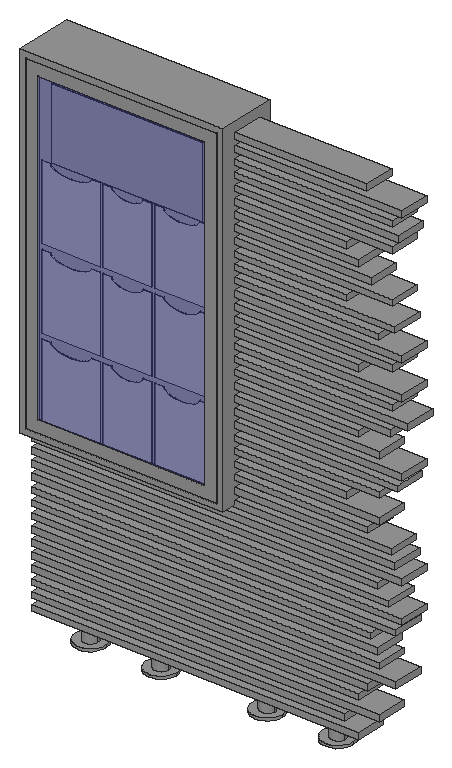
Revit family "12241 Информационный стенд «Линер» Хоббика", category Антураж, Revit 2018
Family settings
  На основе рабочей плоскости = Нет
  Всегда вертикально = Да
  При загрузке вырезать с полостями = Нет
  Источник визуального образа = Геометрия семейства
  Общий = Нет
  Точка расчета площади = Нет
Parameters (values of type "Информационный стенд «Линер»")
  Ширина = 250 mm  # constant formula
  Цвет отделки = Ангарская сосна
  Цвет каркаса = Сталь
  Описание = "Информационный стенд «Линер»"  # constant formula
  Материал изделия = "Сталь, дерево"  # constant formula
  Изготовитель = "ООО «Хоббика»"  # constant formula
  Длина = 1600 mm  # constant formula
  Группа модели = "Стенды и указатели"  # constant formula
  Высота = 2240 mm  # constant formula
  Артикул товара = "Арт. 12241"  # constant formula
  URL = "https://hobbyka.ru/product/informatsionnyy_stend_liner"
Reference planes
  plane 1 "По центру (Вперед/Назад)": y = 0
  plane 2: z = 0
  plane 3 "По центру (Влево/Вправо)": x = 0
  plane 4: y = 250
  plane 5: x = 1600
  plane 6: z = 2240
Forms (mm)
  Extrusion 1, solid, material "Ангарская сосна" <- "Цвет отделки"
    sketch origin (0, 0, 0) x (1, 0, 0) y (0, 0, 1)
      loop
        line (0, 2240) -> (0, 780) -> (860, 780) -> (860, 2240) -> (0, 2240)
      loop
        line (25, 2215) -> (25, 805) -> (835, 805) -> (835, 2215) -> (25, 2215)
    from 0 to -250
  Extrusion 2, solid, material "Сталь" <- "Цвет каркаса"
    sketch origin (0, 0, 0) x (1, 0, 0) y (0, 0, 1)
      loop
        line (25, 2215) -> (25, 805) -> (835, 805) -> (835, 2215) -> (25, 2215)
      loop
        line (75, 2165) -> (75, 855) -> (785, 855) -> (785, 2165) -> (75, 2165)
    from 0 to -5
  Extrusion 3, solid, material "Ангарская сосна" <- "Цвет отделки"
    sketch origin (0, 0, 0) x (1, 0, 0) y (0, 0, 1)
      loop
        line (25, 2215) -> (25, 805) -> (835, 805) -> (835, 2215) -> (25, 2215)
    from -25 to -225
  Extrusion 4, solid, material "Сталь" <- "Цвет каркаса"
    sketch origin (0, 0, 0) x (1, 0, 0) y (0, 0, 1)
      loop
        line (25, 2215) -> (25, 805) -> (835, 805) -> (835, 2215) -> (25, 2215)
      loop
        line (75, 2165) -> (75, 855) -> (785, 855) -> (785, 2165) -> (75, 2165)
    from -245 to -250
  Extrusion 5, solid, material "Белый"
    sketch origin (0, 0, 0) x (1, 0, 0) y (0, 0, 1)
      loop
        line (120, 2140) -> (120, 1840) -> (760, 1840) -> (760, 2140) -> (120, 2140)
    from -20 to -25
  Extrusion 6, solid, material "Белый"
    sketch origin (0, 0, 0) x (1, 0, 0) y (0, 0, 1)
      loop
        line (120, 2140) -> (120, 1840) -> (760, 1840) -> (760, 2140) -> (120, 2140)
    from -225 to -230
  Extrusion 7, solid, material "Оргстекло"
    sketch origin (0, 0, 0) x (1, 0, 0) y (0, 0, 1)
      loop
        line (75, 1835) -> (75, 1515) -> (325, 1515) -> (325, 1835) -> (286.667, 1835)
        spline (286.667, 1835) -> (283.714, 1827.235) -> (275.056, 1820) -> (261.283, 1813.787) -> (243.333, 1809.019) -> (222.431, 1806.022) -> (200, 1805) -> (177.569, 1806.022) -> (156.667, 1809.019) -> (138.717, 1813.787) -> (124.944, 1820) -> (116.286, 1827.235) -> (113.333, 1835)
        line (113.333, 1835) -> (75, 1835)
      loop
        line (335, 1835) -> (335, 1515) -> (545, 1515) -> (545, 1835) -> (506.667, 1835)
        spline (506.667, 1835) -> (504.395, 1827.235) -> (497.735, 1820) -> (487.14, 1813.787) -> (473.333, 1809.019) -> (457.255, 1806.022) -> (440, 1805) -> (422.745, 1806.022) -> (406.667, 1809.019) -> (392.86, 1813.787) -> (382.265, 1820) -> (375.605, 1827.235) -> (373.333, 1835)
        line (373.333, 1835) -> (335, 1835)
      loop
        line (555, 1835) -> (555, 1515) -> (785, 1515) -> (785, 1835) -> (746.667, 1835)
        spline (746.667, 1835) -> (744.054, 1827.235) -> (736.395, 1820) -> (724.212, 1813.787) -> (708.333, 1809.019) -> (689.843, 1806.022) -> (670, 1805) -> (650.157, 1806.022) -> (631.667, 1809.019) -> (615.788, 1813.787) -> (603.605, 1820) -> (595.946, 1827.235) -> (593.333, 1835)
        line (593.333, 1835) -> (555, 1835)
      loop
        line (75, 1495) -> (75, 1175) -> (325, 1175) -> (325, 1495) -> (286.667, 1495)
        spline (286.667, 1495) -> (283.714, 1487.235) -> (275.056, 1480) -> (261.283, 1473.787) -> (243.333, 1469.019) -> (222.431, 1466.022) -> (200, 1465) -> (177.569, 1466.022) -> (156.667, 1469.019) -> (138.717, 1473.787) -> (124.944, 1480) -> (116.286, 1487.235) -> (113.333, 1495)
        line (113.333, 1495) -> (75, 1495)
      loop
        line (335, 1495) -> (335, 1175) -> (545, 1175) -> (545, 1495) -> (506.667, 1495)
        spline (506.667, 1495) -> (504.395, 1487.235) -> (497.735, 1480) -> (487.14, 1473.787) -> (473.333, 1469.019) -> (457.255, 1466.022) -> (440, 1465) -> (422.745, 1466.022) -> (406.667, 1469.019) -> (392.86, 1473.787) -> (382.265, 1480) -> (375.605, 1487.235) -> (373.333, 1495)
        line (373.333, 1495) -> (335, 1495)
      loop
        line (555, 1495) -> (555, 1175) -> (785, 1175) -> (785, 1495) -> (746.667, 1495)
        spline (746.667, 1495) -> (744.054, 1487.235) -> (736.395, 1480) -> (724.212, 1473.787) -> (708.333, 1469.019) -> (689.843, 1466.022) -> (670, 1465) -> (650.157, 1466.022) -> (631.667, 1469.019) -> (615.788, 1473.787) -> (603.605, 1480) -> (595.946, 1487.235) -> (593.333, 1495)
        line (593.333, 1495) -> (555, 1495)
      loop
        line (75, 1155) -> (75, 835) -> (325, 835) -> (325, 1155) -> (286.667, 1155)
        spline (286.667, 1155) -> (283.714, 1147.235) -> (275.056, 1140) -> (261.283, 1133.787) -> (243.333, 1129.019) -> (222.431, 1126.022) -> (200, 1125) -> (177.569, 1126.022) -> (156.667, 1129.019) -> (138.717, 1133.787) -> (124.944, 1140) -> (116.286, 1147.235) -> (113.333, 1155)
        line (113.333, 1155) -> (75, 1155)
      loop
        line (335, 1155) -> (335, 835) -> (545, 835) -> (545, 1155) -> (506.667, 1155)
        spline (506.667, 1155) -> (504.395, 1147.235) -> (497.735, 1140) -> (487.14, 1133.787) -> (473.333, 1129.019) -> (457.255, 1126.022) -> (440, 1125) -> (422.745, 1126.022) -> (406.667, 1129.019) -> (392.86, 1133.787) -> (382.265, 1140) -> (375.605, 1147.235) -> (373.333, 1155)
        line (373.333, 1155) -> (335, 1155)
      loop
        line (555, 1155) -> (555, 835) -> (785, 835) -> (785, 1155) -> (746.667, 1155)
        spline (746.667, 1155) -> (744.054, 1147.235) -> (736.395, 1140) -> (724.212, 1133.787) -> (708.333, 1129.019) -> (689.843, 1126.022) -> (670, 1125) -> (650.157, 1126.022) -> (631.667, 1129.019) -> (615.788, 1133.787) -> (603.605, 1140) -> (595.946, 1147.235) -> (593.333, 1155)
        line (593.333, 1155) -> (555, 1155)
    from -20 to -25
  Extrusion 8, solid, material "Оргстекло"
    sketch origin (0, 0, 0) x (1, 0, 0) y (0, 0, 1)
      loop
        line (75, 1835) -> (75, 1515) -> (325, 1515) -> (325, 1835) -> (286.667, 1835)
        spline (286.667, 1835) -> (283.714, 1827.235) -> (275.056, 1820) -> (261.283, 1813.787) -> (243.333, 1809.019) -> (222.431, 1806.022) -> (200, 1805) -> (177.569, 1806.022) -> (156.667, 1809.019) -> (138.717, 1813.787) -> (124.944, 1820) -> (116.286, 1827.235) -> (113.333, 1835)
        line (113.333, 1835) -> (75, 1835)
      loop
        line (335, 1835) -> (335, 1515) -> (545, 1515) -> (545, 1835) -> (506.667, 1835)
        spline (506.667, 1835) -> (504.395, 1827.235) -> (497.735, 1820) -> (487.14, 1813.787) -> (473.333, 1809.019) -> (457.255, 1806.022) -> (440, 1805) -> (422.745, 1806.022) -> (406.667, 1809.019) -> (392.86, 1813.787) -> (382.265, 1820) -> (375.605, 1827.235) -> (373.333, 1835)
        line (373.333, 1835) -> (335, 1835)
      loop
        line (555, 1835) -> (555, 1515) -> (785, 1515) -> (785, 1835) -> (746.667, 1835)
        spline (746.667, 1835) -> (744.054, 1827.235) -> (736.395, 1820) -> (724.212, 1813.787) -> (708.333, 1809.019) -> (689.843, 1806.022) -> (670, 1805) -> (650.157, 1806.022) -> (631.667, 1809.019) -> (615.788, 1813.787) -> (603.605, 1820) -> (595.946, 1827.235) -> (593.333, 1835)
        line (593.333, 1835) -> (555, 1835)
      loop
        line (75, 1495) -> (75, 1175) -> (325, 1175) -> (325, 1495) -> (286.667, 1495)
        spline (286.667, 1495) -> (283.714, 1487.235) -> (275.056, 1480) -> (261.283, 1473.787) -> (243.333, 1469.019) -> (222.431, 1466.022) -> (200, 1465) -> (177.569, 1466.022) -> (156.667, 1469.019) -> (138.717, 1473.787) -> (124.944, 1480) -> (116.286, 1487.235) -> (113.333, 1495)
        line (113.333, 1495) -> (75, 1495)
      loop
        line (335, 1495) -> (335, 1175) -> (545, 1175) -> (545, 1495) -> (506.667, 1495)
        spline (506.667, 1495) -> (504.395, 1487.235) -> (497.735, 1480) -> (487.14, 1473.787) -> (473.333, 1469.019) -> (457.255, 1466.022) -> (440, 1465) -> (422.745, 1466.022) -> (406.667, 1469.019) -> (392.86, 1473.787) -> (382.265, 1480) -> (375.605, 1487.235) -> (373.333, 1495)
        line (373.333, 1495) -> (335, 1495)
      loop
        line (555, 1495) -> (555, 1175) -> (785, 1175) -> (785, 1495) -> (746.667, 1495)
        spline (746.667, 1495) -> (744.054, 1487.235) -> (736.395, 1480) -> (724.212, 1473.787) -> (708.333, 1469.019) -> (689.843, 1466.022) -> (670, 1465) -> (650.157, 1466.022) -> (631.667, 1469.019) -> (615.788, 1473.787) -> (603.605, 1480) -> (595.946, 1487.235) -> (593.333, 1495)
        line (593.333, 1495) -> (555, 1495)
      loop
        line (75, 1155) -> (75, 835) -> (325, 835) -> (325, 1155) -> (286.667, 1155)
        spline (286.667, 1155) -> (283.714, 1147.235) -> (275.056, 1140) -> (261.283, 1133.787) -> (243.333, 1129.019) -> (222.431, 1126.022) -> (200, 1125) -> (177.569, 1126.022) -> (156.667, 1129.019) -> (138.717, 1133.787) -> (124.944, 1140) -> (116.286, 1147.235) -> (113.333, 1155)
        line (113.333, 1155) -> (75, 1155)
      loop
        line (335, 1155) -> (335, 835) -> (545, 835) -> (545, 1155) -> (506.667, 1155)
        spline (506.667, 1155) -> (504.395, 1147.235) -> (497.735, 1140) -> (487.14, 1133.787) -> (473.333, 1129.019) -> (457.255, 1126.022) -> (440, 1125) -> (422.745, 1126.022) -> (406.667, 1129.019) -> (392.86, 1133.787) -> (382.265, 1140) -> (375.605, 1147.235) -> (373.333, 1155)
        line (373.333, 1155) -> (335, 1155)
      loop
        line (555, 1155) -> (555, 835) -> (785, 835) -> (785, 1155) -> (746.667, 1155)
        spline (746.667, 1155) -> (744.054, 1147.235) -> (736.395, 1140) -> (724.212, 1133.787) -> (708.333, 1129.019) -> (689.843, 1126.022) -> (670, 1125) -> (650.157, 1126.022) -> (631.667, 1129.019) -> (615.788, 1133.787) -> (603.605, 1140) -> (595.946, 1147.235) -> (593.333, 1155)
        line (593.333, 1155) -> (555, 1155)
    from -225 to -230
  Extrusion 9, solid, material "Ангарская сосна" <- "Цвет отделки"
    sketch origin (0, 0, 0) x (1, 0, 0) y (0, 0, 1)
      loop
        line (0, 100) -> (0, 75) -> (1390.046, 75) -> (1390.046, 100) -> (0, 100)
      loop
        line (0, 150) -> (0, 125) -> (1330.046, 125) -> (1330.046, 150) -> (0, 150)
      loop
        line (0, 200) -> (0, 175) -> (1480.046, 175) -> (1480.046, 200) -> (0, 200)
      loop
        line (0, 250) -> (0, 225) -> (1390.046, 225) -> (1390.046, 250) -> (0, 250)
      loop
        line (0, 300) -> (0, 275) -> (1430.046, 275) -> (1430.046, 300) -> (0, 300)
      loop
        line (0, 350) -> (0, 325) -> (1550, 325) -> (1550, 350) -> (0, 350)
      loop
        line (0, 400) -> (0, 375) -> (1480.046, 375) -> (1480.046, 400) -> (0, 400)
      loop
        line (0, 450) -> (0, 425) -> (1470, 425) -> (1470, 450) -> (0, 450)
      loop
        line (0, 500) -> (0, 475) -> (1440, 475) -> (1440, 500) -> (0, 500)
      loop
        line (0, 550) -> (0, 525) -> (1550, 525) -> (1550, 550) -> (0, 550)
      loop
        line (0, 600) -> (0, 575) -> (1575, 575) -> (1575, 600) -> (0, 600)
      loop
        line (0, 650) -> (0, 625) -> (1520, 625) -> (1520, 650) -> (0, 650)
      loop
        line (0, 700) -> (0, 675) -> (1470, 675) -> (1470, 700) -> (0, 700)
      loop
        line (0, 750) -> (0, 725) -> (1575, 725) -> (1575, 750) -> (0, 750)
      loop
        line (860, 800) -> (860, 775) -> (1545, 775) -> (1545, 800) -> (860, 800)
      loop
        line (860, 850) -> (860, 825) -> (1530, 825) -> (1530, 850) -> (860, 850)
      loop
        line (860, 900) -> (860, 875) -> (1430.046, 875) -> (1430.046, 900) -> (860, 900)
      loop
        line (860, 950) -> (860, 925) -> (1480.046, 925) -> (1480.046, 950) -> (860, 950)
      loop
        line (860, 1000) -> (860, 975) -> (1340.046, 975) -> (1340.046, 1000) -> (860, 1000)
      loop
        line (860, 1050) -> (860, 1025) -> (1480.046, 1025) -> (1480.046, 1050) -> (860, 1050)
      loop
        line (860, 1100) -> (860, 1075) -> (1555, 1075) -> (1555, 1100) -> (860, 1100)
      loop
        line (860, 1150) -> (860, 1125) -> (1575, 1125) -> (1575, 1150) -> (860, 1150)
      loop
        line (860, 1200) -> (860, 1175) -> (1480.046, 1175) -> (1480.046, 1200) -> (860, 1200)
      loop
        line (860, 1250) -> (860, 1225) -> (1390.046, 1225) -> (1390.046, 1250) -> (860, 1250)
      loop
        line (860, 1300) -> (860, 1275) -> (1525, 1275) -> (1525, 1300) -> (860, 1300)
      loop
        line (860, 1350) -> (860, 1325) -> (1600, 1325) -> (1600, 1350) -> (860, 1350)
      loop
        line (860, 1400) -> (860, 1375) -> (1535, 1375) -> (1535, 1400) -> (860, 1400)
      loop
        line (860, 1450) -> (860, 1425) -> (1575, 1425) -> (1575, 1450) -> (860, 1450)
      loop
        line (860, 1500) -> (860, 1475) -> (1390.046, 1475) -> (1390.046, 1500) -> (860, 1500)
      loop
        line (860, 1550) -> (860, 1525) -> (1535, 1525) -> (1535, 1550) -> (860, 1550)
      loop
        line (860, 1600) -> (860, 1575) -> (1575, 1575) -> (1575, 1600) -> (860, 1600)
      loop
        line (860, 1650) -> (860, 1625) -> (1475, 1625) -> (1475, 1650) -> (860, 1650)
      loop
        line (860, 1700) -> (860, 1675) -> (1545, 1675) -> (1545, 1700) -> (860, 1700)
      loop
        line (860, 1750) -> (860, 1725) -> (1340.046, 1725) -> (1340.046, 1750) -> (860, 1750)
      loop
        line (860, 1800) -> (860, 1775) -> (1535, 1775) -> (1535, 1800) -> (860, 1800)
      loop
        line (860, 1850) -> (860, 1825) -> (1445.046, 1825) -> (1445.046, 1850) -> (860, 1850)
      loop
        line (860, 1900) -> (860, 1875) -> (1390.046, 1875) -> (1390.046, 1900) -> (860, 1900)
      loop
        line (860, 1950) -> (860, 1925) -> (1340.046, 1925) -> (1340.046, 1950) -> (860, 1950)
      loop
        line (860, 2000) -> (860, 1975) -> (1535, 1975) -> (1535, 2000) -> (860, 2000)
      loop
        line (860, 2050) -> (860, 2025) -> (1560, 2025) -> (1560, 2050) -> (860, 2050)
      loop
        line (860, 2100) -> (860, 2075) -> (1535, 2075) -> (1535, 2100) -> (860, 2100)
      loop
        line (860, 2150) -> (860, 2125) -> (1575, 2125) -> (1575, 2150) -> (860, 2150)
      loop
        line (860, 2200) -> (860, 2175) -> (1425, 2175) -> (1425, 2200) -> (860, 2200)
    from -60 to -190
  Extrusion 10, solid, material "Стекло"
    sketch origin (0, 0, 0) x (0, 1, 0) y (0, 0, 1)
      loop
        line (0, 2165) -> (0, 855) -> (5, 855) -> (5, 2165) -> (0, 2165)
      loop
        line (245, 855) -> (250, 855) -> (250, 2165) -> (245, 2165) -> (245, 855)
    from 75 to 785
  Extrusion 11, solid, material "Сталь" <- "Цвет каркаса"
    sketch origin (0, 0, 0) x (1, 0, 0) y (0, 1, 0)
      loop
        circle (200, 125) r 30
      loop
        circle (500, 125) r 30
    from 0 to 780
  Extrusion 12, solid, material "Сталь" <- "Цвет каркаса"
    sketch origin (0, 0, 0) x (1, 0, 0) y (0, 1, 0)
      loop
        circle (200, 125) r 65
      loop
        circle (500, 125) r 65
      loop
        circle (1250, 125) r 65
      loop
        circle (950, 125) r 65
    from 0 to 10
  Extrusion 13, solid, material "Сталь" <- "Цвет каркаса"
    sketch origin (750, 0, 0) x (1, 0, 0) y (0, 1, 0)
      loop
        circle (200, 125) r 30
      loop
        circle (500, 125) r 30
    from 0 to 2175
Cuts and joins
  joined: Extrusion 11, Extrusion 12
Dimensions and locks
  "Длина": plane 5 to plane 3 "По центру (Влево/Вправо)"
  "Ширина": plane 4 to plane 1 "По центру (Вперед/Назад)"
  "Высота": plane 6 to plane 2
  aligned and locked: level to plane 2
Automatic sketch dimensions
  Extrusion 1 sketch curve to plane 3 "По центру (Влево/Вправо)" = 0 mm
  Extrusion 1 sketch curve to plane 6 = 0 mm
  plane 3 "По центру (Влево/Вправо)" to Extrusion 1 sketch curve = 25 mm
  Extrusion 1 sketch curve to Extrusion 1 sketch curve = 25 mm  (x2)
  Extrusion 1 sketch curve to plane 6 = 25 mm
  level to Extrusion 1 sketch curve = 805 mm
  plane 3 "По центру (Влево/Вправо)" to Extrusion 2 sketch curve = 25 mm
  Extrusion 2 sketch curve to Extrusion 2 sketch curve = 50 mm  (x3)
  level to Extrusion 2 sketch curve = 805 mm
  Extrusion 2 sketch curve to plane 6 = 75 mm
  Extrusion 2 sketch curve to plane 6 = 25 mm
  plane 3 "По центру (Влево/Вправо)" to Extrusion 3 sketch curve = 25 mm
  level to Extrusion 3 sketch curve = 805 mm
  Extrusion 3 sketch curve to plane 6 = 25 mm
  plane 3 "По центру (Влево/Вправо)" to Extrusion 4 sketch curve = 25 mm
  Extrusion 4 sketch curve to Extrusion 4 sketch curve = 50 mm  (x3)
  level to Extrusion 4 sketch curve = 805 mm
  Extrusion 4 sketch curve to plane 6 = 75 mm
  Extrusion 4 sketch curve to plane 6 = 25 mm
  Extrusion 5 sketch curve to plane 6 = 400 mm
  Extrusion 5 sketch curve to plane 6 = 100 mm
  Extrusion 6 sketch curve to plane 6 = 400 mm
  Extrusion 6 sketch curve to plane 6 = 100 mm
  Extrusion 7 sketch curve to Extrusion 7 sketch curve = 86.667 mm  (x3)
  Extrusion 7 sketch curve to Extrusion 7 sketch curve = 38.333 mm  (x14)
  Extrusion 7 sketch curve to Extrusion 7 sketch curve = 0 mm  (x15)
  Extrusion 7 sketch curve to Extrusion 7 sketch curve = 10 mm  (x6)
  Extrusion 7 sketch curve to Extrusion 7 sketch curve = 153.333 mm  (x3)
  level to Extrusion 7 sketch curve = 835 mm
  Extrusion 7 sketch curve to Extrusion 7 sketch curve = 320 mm  (x3)
  Extrusion 7 sketch curve to Extrusion 7 sketch curve = 20 mm  (x4)
  Extrusion 8 sketch curve to Extrusion 8 sketch curve = 86.667 mm  (x3)
  Extrusion 8 sketch curve to Extrusion 8 sketch curve = 38.333 mm  (x14)
  Extrusion 8 sketch curve to Extrusion 8 sketch curve = 0 mm  (x15)
  Extrusion 8 sketch curve to Extrusion 8 sketch curve = 10 mm  (x6)
  Extrusion 8 sketch curve to Extrusion 8 sketch curve = 153.333 mm  (x3)
  level to Extrusion 8 sketch curve = 835 mm
  Extrusion 8 sketch curve to Extrusion 8 sketch curve = 320 mm  (x3)
  Extrusion 8 sketch curve to Extrusion 8 sketch curve = 20 mm  (x4)
  Extrusion 9 sketch curve to plane 3 "По центру (Влево/Вправо)" = 0 mm  (x14)
  Extrusion 9 sketch curve to plane 5 = 0 mm
  Extrusion 9 sketch curve to Extrusion 9 sketch curve = 0 mm  (x29)
  Extrusion 9 sketch curve to Extrusion 9 sketch curve = 50 mm  (x4)
  Extrusion 9 sketch curve to Extrusion 9 sketch curve = 60 mm  (x2)
  Extrusion 9 sketch curve to plane 6 = 65 mm
  Extrusion 9 sketch curve to plane 5 = 175 mm
  Extrusion 9 sketch curve to Extrusion 9 sketch curve = 40 mm
  Extrusion 9 sketch curve to Extrusion 9 sketch curve = 90 mm  (x2)
  Extrusion 9 sketch curve to plane 5 = 160 mm
  Extrusion 9 sketch curve to Extrusion 9 sketch curve = 55 mm
  Extrusion 9 sketch curve to plane 5 = 130 mm
  Extrusion 9 sketch curve to Extrusion 9 sketch curve = 30 mm
  Extrusion 9 sketch curve to plane 5 = 125 mm
  Extrusion 9 sketch curve to Extrusion 9 sketch curve = 10.046 mm
  Extrusion 9 sketch curve to plane 5 = 75 mm
  Extrusion 9 sketch curve to plane 5 = 70 mm
  Extrusion 9 sketch curve to plane 5 = 65 mm  (x5)
  Extrusion 9 sketch curve to plane 5 = 55 mm
  Extrusion 9 sketch curve to Extrusion 9 sketch curve = 15 mm
  Extrusion 9 sketch curve to plane 5 = 50 mm  (x2)
  Extrusion 9 sketch curve to plane 5 = 45 mm
  Extrusion 9 sketch curve to Extrusion 9 sketch curve = 25 mm  (x79)
  Extrusion 9 sketch curve to plane 5 = 25 mm  (x6)
  Extrusion 9 sketch curve to Extrusion 9 sketch curve = 75 mm  (x7)
  Extrusion 10 sketch curve to plane 1 "По центру (Вперед/Назад)" = 0 mm
  Extrusion 10 sketch curve to plane 4 = 0 mm
  Extrusion 10 sketch curve to plane 1 "По центру (Вперед/Назад)" = 5 mm
  Extrusion 10 sketch curve to plane 4 = 5 mm
  level to Extrusion 10 sketch curve = 855 mm
  Extrusion 10 sketch curve to Extrusion 10 sketch curve = 0 mm
  Extrusion 10 sketch curve to plane 6 = 75 mm  (x2)
  Extrusion 11 sketch curve to plane 1 "По центру (Вперед/Назад)" = 125 mm  (x2)
  Extrusion 12 sketch curve to plane 1 "По центру (Вперед/Назад)" = 125 mm  (x4)
  Extrusion 13 sketch curve to plane 1 "По центру (Вперед/Назад)" = 125 mm  (x2)
  Extrusion 9 sketch curve to plane 5 = 269.954 mm
  Extrusion 9 sketch curve to Extrusion 9 sketch curve = 214.954 mm
  Extrusion 9 sketch curve to Extrusion 9 sketch curve = 194.954 mm
  Extrusion 9 sketch curve to Extrusion 9 sketch curve = 105 mm
  Extrusion 9 sketch curve to Extrusion 9 sketch curve = 134.954 mm
  Extrusion 9 sketch curve to Extrusion 9 sketch curve = 144.954 mm
  Extrusion 12 sketch curve to Extrusion 12 sketch curve = 300 mm  (x2)
  Extrusion 13 sketch curve to Extrusion 13 sketch curve = 300 mm
  Extrusion 12 sketch curve to Extrusion 12 sketch curve = 450 mm
  Extrusion 7 sketch curve to Extrusion 7 sketch curve = 133.333 mm  (x3)
  Extrusion 8 sketch curve to Extrusion 8 sketch curve = 133.333 mm  (x3)
  Extrusion 9 sketch curve to Extrusion 9 sketch curve = 480.046 mm
  Extrusion 11 sketch curve to Extrusion 11 sketch curve = 300 mm
  Extrusion 13 sketch curve to plane 5 = 650 mm
  Extrusion 1 sketch curve to plane 5 = 765 mm
  Extrusion 2 sketch curve to Extrusion 2 sketch curve = 710 mm
  Extrusion 3 sketch curve to plane 5 = 765 mm
  Extrusion 4 sketch curve to Extrusion 4 sketch curve = 710 mm
  plane 3 "По центру (Влево/Вправо)" to Extrusion 5 sketch curve = 120 mm
  Extrusion 5 sketch curve to Extrusion 5 sketch curve = 640 mm
  plane 3 "По центру (Влево/Вправо)" to Extrusion 6 sketch curve = 120 mm
  Extrusion 6 sketch curve to Extrusion 6 sketch curve = 640 mm
  plane 3 "По центру (Влево/Вправо)" to Extrusion 7 sketch curve = 75 mm  (x2)
  plane 3 "По центру (Влево/Вправо)" to Extrusion 8 sketch curve = 75 mm  (x2)
  plane 3 "По центру (Влево/Вправо)" to Extrusion 11 sketch curve = 200 mm
  plane 3 "По центру (Влево/Вправо)" to Extrusion 12 sketch curve = 200 mm
  radius of Extrusion 11 sketch curve = 30 mm  (x2)
  radius of Extrusion 12 sketch curve = 65 mm  (x4)
  radius of Extrusion 13 sketch curve = 30 mm  (x2)
